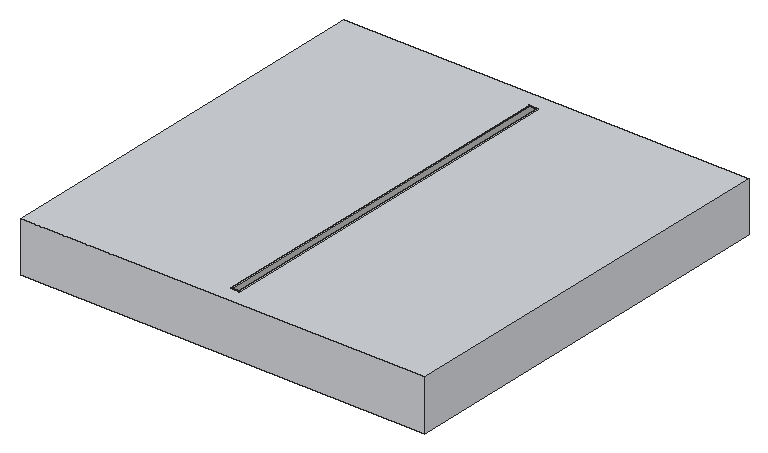
Revit family "LAMP_FIL 45 2240MM OPAL RECESSED", category Luminarias, Revit 2018
Family settings
  Anfitrión = Cara
  Cota de conector redondo = Diámetro de uso
  Tipo de pieza = Normal
  Corte con vacíos al cargar = No
  Origen de luz = Sí
  Compartido = No
  Punto de cálculo de habitación = No
Parameters (values of type "5200LM 3000K  BLACK")
  Ángulo de inclinación = -90.00°
  Weight = 5.16 kg
  Wattage = 37 W
  Type = "MID POWER TRIDONIC"
  built-in parameter 1150107 = 3000 (stored number, unit not read)
  Recessed dimensions = "2246x55x76"
  built-in parameter 1150110 = 1 (stored number, unit not read)
  built-in parameter 1150109 = 1 (stored number, unit not read)
  built-in parameter 1150112 = 1 (stored number, unit not read)
  built-in parameter 1150113 = 1 (stored number, unit not read)
  built-in parameter 1114218 = 1 (stored number, unit not read)
  Protection rating = "IP20 / IK07"
  Product datasheet = "http://www.lamp.es/product-files/TECH/F41RE224MOOP830NB-EN.pdf"
  Product code = "F41RE224MOOP830NB"
  Product URL = "https://www.lamp.es/en/family/fil-45_413951"
  Power Supply = "220-240V 50/60Hz"
  Power = 31 W
  Plum = 37 W
  Photobiological risk = ""
  NOT COVER 2 [instance] = not(END COVER 2)  # no
  NOT COVER 1 [instance] = not(END COVER 1)  # no
  built-in parameter 1150137 = (empty or 0)
  built-in parameter 1150132 = 2
  Modelo = Product code  # "F41RE224MOOP830NB"
  Model Explanation = ""
  Material suspension = LAMP_Acero genérico
  Material perfil = LAMP_Aluminio Perfil Fil NG
  Material difusor = LAMP_PC Difusor Opal Fil
  Manufacturer name = "LAMP"
  Manufacturer country = "Spain"
  Manufacturer URL = "http://www.lamp.es/en"
  MacAdam = "3"
  Longitud de línea de emisión = 2240 mm
  Last update = "26/03/2021"
  Lamp = "MID-POWER LED"
  LED Lifetime = "70.000 L80 B10"
  built-in parameter 1150105 = 1310.2 (stored number, unit not read)
  built-in parameter 1150102 = (empty or 0)
  Insulation class = "I"
  Installation instructions = "https://www.lamp.es/product-files/INS/1004580-C%20INSTR.%20FIL45.pdf"
  built-in parameter 1150106 = 13.102 (stored number, unit not read)
  IEE = "A+"
  Gear = "Electronic"
  Lumens = 3444.33 lm
  Finish = "Matte black RAL 9011"
  Color Filter = 16777215
  built-in parameter 1114217 = 1 (stored number, unit not read)
  built-in parameter 1150139 = (empty or 0)
  Fabricante = Manufacturer name  # "LAMP"
  Default Elevation = 1219.2 mm
  built-in parameter 1150104 = 8.6483 (stored number, unit not read)
  Efficacy = 93.09 lm/W
  END COVER 2 [instance] = yes
  END COVER 1 [instance] = yes
  Dimensions = "2240x55x76"
  Descripción = "FIL45 REC 2240 5200 WW OPAL BK."
  built-in parameter 1150115 = 1 (stored number, unit not read)
  built-in parameter 1150114 = 1 (stored number, unit not read)
  built-in parameter 1150138 = (empty or 0)
  built-in parameter 1150134 = 3
  Dimming Lamp Color Temperature Shift = (empty or 0)
  CRI = "80"
  Archivo de red fotométrica = "F41RE224MOOP830NB.IES"
  built-in parameter 1150133 = 10 (stored number, unit not read)
Types (24, lengths in mm): name | Weight | Wattage | built-in parameter 1150107 | Product datasheet | Product code | Power | Plum | Modelo | Material perfil | LED Lifetime | built-in parameter 1150105 | built-in parameter 1150106 | Lumens | Finish | built-in parameter 1150104 | Efficacy | Descripción | Archivo de red fotométrica
  5200LM 3000K DALI BLACK | 5.452 kg | 37 W | 3000 (stored number, unit not read) | "http://www.lamp.es/product-files/TECH/F41RE224MOOP830DB-EN.pdf" | "F41RE224MOOP830DB" | 31 W | 37 W | "F41RE224MOOP830DB" | LAMP_Aluminio Perfil Fil NG | "70.000 L80 B10" | 1310.2 (stored number, unit not read) | 13.102 (stored number, unit not read) | 3444.33 lm | "Matte black RAL 9011" | 8.6483 (stored number, unit not read) | 93.09 lm/W | "FIL45 REC 2240 5200 WW OPAL DALI BK." | "F41RE224MOOP830nB.IES"
  5200LM 3000K DALI GREY | 5.452 kg | 37 W | 3000 (stored number, unit not read) | "http://www.lamp.es/product-files/TECH/F41RE224MOOP830DG-EN.pdf" | "F41RE224MOOP830DG" | 31 W | 37 W | "F41RE224MOOP830DG" | LAMP_Aluminio Perfil Fil GR | "70.000 L80 B10" | 1310.2 (stored number, unit not read) | 13.102 (stored number, unit not read) | 3444.33 lm | "Gloss grey" | 8.6483 (stored number, unit not read) | 93.09 lm/W | "FIL45 REC 2240 5200 WW OPAL DALI GR." | "F41RE224MOOP830nG.IES"
  5200LM 3000K DALI WHITE | 5.452 kg | 37 W | 3000 (stored number, unit not read) | "http://www.lamp.es/product-files/TECH/F41RE224MOOP830DW-EN.pdf" | "F41RE224MOOP830DW" | 31 W | 37 W | "F41RE224MOOP830DW" | LAMP_Aluminio Perfil Fil BL | "70.000 L80 B10" | 1310.2 (stored number, unit not read) | 13.102 (stored number, unit not read) | 3444.33 lm | "Matte white RAL 9010" | 8.6483 (stored number, unit not read) | 93.09 lm/W | "FIL45 REC 2240 5200 WW OPAL DALI WH." | "F41RE224MOOP830nW.IES"
  5200LM 3000K  BLACK | 5.16 kg | 37 W | 3000 (stored number, unit not read) | "http://www.lamp.es/product-files/TECH/F41RE224MOOP830NB-EN.pdf" | "F41RE224MOOP830NB" | 31 W | 37 W | "F41RE224MOOP830NB" | LAMP_Aluminio Perfil Fil NG | "70.000 L80 B10" | 1310.2 (stored number, unit not read) | 13.102 (stored number, unit not read) | 3444.33 lm | "Matte black RAL 9011" | 8.6483 (stored number, unit not read) | 93.09 lm/W | "FIL45 REC 2240 5200 WW OPAL BK." | "F41RE224MOOP830NB.IES"
  5200LM 3000K  GREY | 5.16 kg | 37 W | 3000 (stored number, unit not read) | "http://www.lamp.es/product-files/TECH/F41RE224MOOP830NG-EN.pdf" | "F41RE224MOOP830NG" | 31 W | 37 W | "F41RE224MOOP830NG" | LAMP_Aluminio Perfil Fil GR | "70.000 L80 B10" | 1310.2 (stored number, unit not read) | 13.102 (stored number, unit not read) | 3444.33 lm | "Gloss grey" | 8.6483 (stored number, unit not read) | 93.09 lm/W | "FIL45 REC 2240 5200 WW OPAL GR." | "F41RE224MOOP830NG.IES"
  5200LM 3000K  WHITE | 5.16 kg | 37 W | 3000 (stored number, unit not read) | "http://www.lamp.es/product-files/TECH/F41RE224MOOP830NW-EN.pdf" | "F41RE224MOOP830NW" | 31 W | 37 W | "F41RE224MOOP830NW" | LAMP_Aluminio Perfil Fil BL | "70.000 L80 B10" | 1310.2 (stored number, unit not read) | 13.102 (stored number, unit not read) | 3444.33 lm | "Matte white RAL 9010" | 8.6483 (stored number, unit not read) | 93.09 lm/W | "FIL45 REC 2240 5200 WW OPAL WH." | "F41RE224MOOP830NW.IES"
  5200LM 4000K DALI BLACK | 5.452 kg | 37 W | 4000 (stored number, unit not read) | "http://www.lamp.es/product-files/TECH/F41RE224MOOP840DB-EN.pdf" | "F41RE224MOOP840DB" | 31 W | 37 W | "F41RE224MOOP840DB" | LAMP_Aluminio Perfil Fil NG | "70.000 L80 B10" | 1373.6 (stored number, unit not read) | 13.736 (stored number, unit not read) | 3610.83 lm | "Matte black RAL 9011" | 9.0664 (stored number, unit not read) | 97.59 lm/W | "FIL45 REC 2240 5200 NW OPAL DALI BK." | "F41RE224MOOP840nB.IES"
  5200LM 4000K DALI GREY | 5.452 kg | 37 W | 4000 (stored number, unit not read) | "http://www.lamp.es/product-files/TECH/F41RE224MOOP840DG-EN.pdf" | "F41RE224MOOP840DG" | 31 W | 37 W | "F41RE224MOOP840DG" | LAMP_Aluminio Perfil Fil GR | "70.000 L80 B10" | 1373.6 (stored number, unit not read) | 13.736 (stored number, unit not read) | 3610.83 lm | "Gloss grey" | 9.0664 (stored number, unit not read) | 97.59 lm/W | "FIL45 REC 2240 5200 NW OPAL DALI GR." | "F41RE224MOOP840nG.IES"
  5200LM 4000K DALI WHITE | 5.452 kg | 37 W | 4000 (stored number, unit not read) | "http://www.lamp.es/product-files/TECH/F41RE224MOOP840DW-EN.pdf" | "F41RE224MOOP840DW" | 31 W | 37 W | "F41RE224MOOP840DW" | LAMP_Aluminio Perfil Fil BL | "70.000 L80 B10" | 1373.6 (stored number, unit not read) | 13.736 (stored number, unit not read) | 3610.83 lm | "Matte white RAL 9010" | 9.0664 (stored number, unit not read) | 97.59 lm/W | "FIL45 REC 2240 5200 NW OPAL DALI WH." | "F41RE224MOOP840nW.IES"
  5200LM 4000K  BLACK | 5.16 kg | 37 W | 4000 (stored number, unit not read) | "http://www.lamp.es/product-files/TECH/F41RE224MOOP840NB-EN.pdf" | "F41RE224MOOP840NB" | 31 W | 37 W | "F41RE224MOOP840NB" | LAMP_Aluminio Perfil Fil NG | "70.000 L80 B10" | 1373.6 (stored number, unit not read) | 13.736 (stored number, unit not read) | 3610.83 lm | "Matte black RAL 9011" | 9.0664 (stored number, unit not read) | 97.59 lm/W | "FIL45 REC 2240 5200 NW OPAL BK." | "F41RE224MOOP840NB.IES"
  5200LM 4000K  GREY | 5.16 kg | 37 W | 4000 (stored number, unit not read) | "http://www.lamp.es/product-files/TECH/F41RE224MOOP840NG-EN.pdf" | "F41RE224MOOP840NG" | 31 W | 37 W | "F41RE224MOOP840NG" | LAMP_Aluminio Perfil Fil GR | "70.000 L80 B10" | 1373.6 (stored number, unit not read) | 13.736 (stored number, unit not read) | 3610.83 lm | "Gloss grey" | 9.0664 (stored number, unit not read) | 97.59 lm/W | "FIL45 REC 2240 5200 NW OPAL GR." | "F41RE224MOOP840NG.IES"
  5200LM 4000K  WHITE | 5.16 kg | 37 W | 4000 (stored number, unit not read) | "http://www.lamp.es/product-files/TECH/F41RE224MOOP840NW-EN.pdf" | "F41RE224MOOP840NW" | 31 W | 37 W | "F41RE224MOOP840NW" | LAMP_Aluminio Perfil Fil BL | "70.000 L80 B10" | 1373.6 (stored number, unit not read) | 13.736 (stored number, unit not read) | 3610.83 lm | "Matte white RAL 9010" | 9.0664 (stored number, unit not read) | 97.59 lm/W | "FIL45 REC 2240 5200 NW OPAL WH." | "F41RE224MOOP840NW.IES"
  12400LM 3000K DALI BLACK | 5.482 kg | 80.6 W | 3000 (stored number, unit not read) | "http://www.lamp.es/product-files/TECH/F41RE224HOOP830DB-EN.pdf" | "F41RE224HOOP830DB" | 72 W | 80.6 W | "F41RE224HOOP830DB" | LAMP_Aluminio Perfil Fil NG | "72.000 L80 B10" | 2807.8 (stored number, unit not read) | 28.078 (stored number, unit not read) | 7455.5 lm | "Matte black RAL 9011" | 8.5935 (stored number, unit not read) | 92.5 lm/W | "FIL45 REC 2240 12400 WW OPAL DALI BK." | "F41RE224HOOP830nB.IES"
  12400LM 3000K DALI GREY | 5.482 kg | 80.6 W | 3000 (stored number, unit not read) | "http://www.lamp.es/product-files/TECH/F41RE224HOOP830DG-EN.pdf" | "F41RE224HOOP830DG" | 72 W | 80.6 W | "F41RE224HOOP830DG" | LAMP_Aluminio Perfil Fil GR | "72.000 L80 B10" | 2807.8 (stored number, unit not read) | 28.078 (stored number, unit not read) | 7455.5 lm | "Gloss grey" | 8.5935 (stored number, unit not read) | 92.5 lm/W | "FIL45 REC 2240 12400 WW OPAL DALI GR." | "F41RE224HOOP830nG.IES"
  12400LM 3000K DALI WHITE | 5.482 kg | 80.6 W | 3000 (stored number, unit not read) | "http://www.lamp.es/product-files/TECH/F41RE224HOOP830DW-EN.pdf" | "F41RE224HOOP830DW" | 72 W | 80.6 W | "F41RE224HOOP830DW" | LAMP_Aluminio Perfil Fil BL | "72.000 L80 B10" | 2807.8 (stored number, unit not read) | 28.078 (stored number, unit not read) | 7455.5 lm | "Matte white RAL 9010" | 8.5935 (stored number, unit not read) | 92.5 lm/W | "FIL45 REC 2240 12400 WW OPAL DALI WH." | "F41RE224HOOP830nW.IES"
  12400LM 3000K  BLACK | 5.26 kg | 80.6 W | 3000 (stored number, unit not read) | "http://www.lamp.es/product-files/TECH/F41RE224HOOP830NB-EN.pdf" | "F41RE224HOOP830NB" | 72 W | 80.6 W | "F41RE224HOOP830NB" | LAMP_Aluminio Perfil Fil NG | "72.000 L80 B10" | 2807.8 (stored number, unit not read) | 28.078 (stored number, unit not read) | 7455.5 lm | "Matte black RAL 9011" | 8.5935 (stored number, unit not read) | 92.5 lm/W | "FIL45 REC 2240 12400 WW OPAL BK." | "F41RE224HOOP830NB.IES"
  12400LM 3000K  GREY | 5.26 kg | 80.6 W | 3000 (stored number, unit not read) | "http://www.lamp.es/product-files/TECH/F41RE224HOOP830NG-EN.pdf" | "F41RE224HOOP830NG" | 72 W | 80.6 W | "F41RE224HOOP830NG" | LAMP_Aluminio Perfil Fil GR | "72.000 L80 B10" | 2807.8 (stored number, unit not read) | 28.078 (stored number, unit not read) | 7455.5 lm | "Gloss grey" | 8.5935 (stored number, unit not read) | 92.5 lm/W | "FIL45 REC 2240 12400 WW OPAL GR." | "F41RE224HOOP830NG.IES"
  12400LM 3000K  WHITE | 5.26 kg | 80.6 W | 3000 (stored number, unit not read) | "http://www.lamp.es/product-files/TECH/F41RE224HOOP830NW-EN.pdf" | "F41RE224HOOP830NW" | 72 W | 80.6 W | "F41RE224HOOP830NW" | LAMP_Aluminio Perfil Fil BL | "72.000 L80 B10" | 2807.8 (stored number, unit not read) | 28.078 (stored number, unit not read) | 7455.5 lm | "Matte white RAL 9010" | 8.5935 (stored number, unit not read) | 92.5 lm/W | "FIL45 REC 2240 12400 WW OPAL WH." | "F41RE224HOOP830NW.IES"
  12400LM 4000K DALI BLACK | 5.482 kg | 80.6 W | 4000 (stored number, unit not read) | "http://www.lamp.es/product-files/TECH/F41RE224HOOP840DB-EN.pdf" | "F41RE224HOOP840DB" | 72 W | 80.6 W | "F41RE224HOOP840DB" | LAMP_Aluminio Perfil Fil NG | "72.000 L80 B10" | 2836.1 (stored number, unit not read) | 28.361 (stored number, unit not read) | 7455.5 lm | "Matte black RAL 9011" | 8.5935 (stored number, unit not read) | 92.5 lm/W | "FIL45 REC 2240 12400 NW OPAL DALI BK." | "F41RE224HOOP840nB.IES"
  12400LM 4000K DALI GREY | 5.482 kg | 80.6 W | 4000 (stored number, unit not read) | "http://www.lamp.es/product-files/TECH/F41RE224HOOP840DG-EN.pdf" | "F41RE224HOOP840DG" | 72 W | 80.6 W | "F41RE224HOOP840DG" | LAMP_Aluminio Perfil Fil GR | "72.000 L80 B10" | 2836.1 (stored number, unit not read) | 28.361 (stored number, unit not read) | 7455.5 lm | "Gloss grey" | 8.5935 (stored number, unit not read) | 92.5 lm/W | "FIL45 REC 2240 12400 NW OPAL DALI GR." | "F41RE224HOOP840nG.IES"
  12400LM 4000K DALI WHITE | 5.482 kg | 80.6 W | 4000 (stored number, unit not read) | "http://www.lamp.es/product-files/TECH/F41RE224HOOP840DW-EN.pdf" | "F41RE224HOOP840DW" | 72 W | 80.6 W | "F41RE224HOOP840DW" | LAMP_Aluminio Perfil Fil BL | "72.000 L80 B10" | 2836.1 (stored number, unit not read) | 28.361 (stored number, unit not read) | 7455.5 lm | "Matte white RAL 9010" | 8.5935 (stored number, unit not read) | 92.5 lm/W | "FIL45 REC 2240 12400 NW OPAL DALI WH." | "F41RE224HOOP840nW.IES"
  12400LM 4000K  BLACK | 5.26 kg | 80.6 W | 4000 (stored number, unit not read) | "http://www.lamp.es/product-files/TECH/F41RE224HOOP840NB-EN.pdf" | "F41RE224HOOP840NB" | 72 W | 80.6 W | "F41RE224HOOP840NB" | LAMP_Aluminio Perfil Fil NG | "72.000 L80 B10" | 2836.1 (stored number, unit not read) | 28.361 (stored number, unit not read) | 7455.5 lm | "Matte black RAL 9011" | 8.5935 (stored number, unit not read) | 92.5 lm/W | "FIL45 REC 2240 12400 NW OPAL BK." | "F41RE224HOOP840NB.IES"
  12400LM 4000K  GREY | 5.26 kg | 80.6 W | 4000 (stored number, unit not read) | "http://www.lamp.es/product-files/TECH/F41RE224HOOP840NG-EN.pdf" | "F41RE224HOOP840NG" | 72 W | 80.6 W | "F41RE224HOOP840NG" | LAMP_Aluminio Perfil Fil GR | "72.000 L80 B10" | 2836.1 (stored number, unit not read) | 28.361 (stored number, unit not read) | 7455.5 lm | "Gloss grey" | 8.5935 (stored number, unit not read) | 92.5 lm/W | "FIL45 REC 2240 12400 NW OPAL GR." | "F41RE224HOOP840NG.IES"
  12400LM 4000K  WHITE | 5.26 kg | 80.6 W | 4000 (stored number, unit not read) | "http://www.lamp.es/product-files/TECH/F41RE224HOOP840NW-EN.pdf" | "F41RE224HOOP840NW" | 72 W | 80.6 W | "F41RE224HOOP840NW" | LAMP_Aluminio Perfil Fil BL | "72.000 L80 B10" | 2836.1 (stored number, unit not read) | 28.361 (stored number, unit not read) | 7455.5 lm | "Matte white RAL 9010" | 8.5935 (stored number, unit not read) | 92.5 lm/W | "FIL45 REC 2240 12400 NW OPAL WH." | "F41RE224HOOP840NW.IES"
Reference planes
  plane 1 "Centro (Frontal/Posterior)": y = 0
  plane 2: z = 0
  plane 3 "Centro (Izquierda/Derecha)": x = 0
Forms (mm)
  Extrusion 1, solid
    sketch origin (0, 0, 0) x (1, 0, 0) y (0, 1, 0)
      loop
        line (-1219.2, 1219.2) -> (-1219.2, -1219.2) -> (1219.2, -1219.2) -> (1219.2, 1219.2) -> (-1219.2, 1219.2)
    from 0 to -304.8
  Extrusion 2, solid, material "LAMP_Aluminio Perfil Fil NG" <- "Material perfil"
    sketch origin (0, 0, -281.8) x (1, 0, 0) y (0, 0, 1)
      loop
        line (17.8, 259) -> (0, 259) -> (-17.8, 259) -> (-21.5, 259) -> (-21.5, 283) -> (-27.5, 283) -> (-27.5, 281.8) -> (-22.5, 281.8) -> (-22.5, 206.5) -> (22.5, 206.5) -> (22.5, 281.8) -> (27.5, 281.8) -> (27.5, 283) -> (21.5, 283) -> (21.5, 259) -> (17.8, 259)
    from -1120 to 1120
  Extrusion 3, solid, material "LAMP_PC Difusor Opal Fil" <- "Material difusor"
    sketch origin (0, 0, -281.8) x (1, 0, 0) y (0, 0, 1)
      loop
        line (-21.5, 283) -> (-21.5, 281.8) -> (21.5, 281.8) -> (21.5, 283) -> (-21.5, 283)
    from -1120 to 1120
Text (mm)
  text "Any modification of the parameters and properties of the LAMP BIM models must be executed and validated by the LAMP technical department.\nPhone: +34 93 736 68 00\nE-mail: lamp@lamp.es\n\nLAMP reserves the right to modify the technical specifications of its products." at (3112.338, 5316.624, -2868.509), in view "Preview"
Dimensions and locks
  aligned and locked: plane 2 to Extrusion 1
  aligned and locked: level to Extrusion 1
Nested families
  nested 1: "LAMP_FIL 45 END COVER RECESSED" at (0, -1121, -75.3), visible <- "END COVER 1", type "Blanco"
  nested 2: "LAMP_FIL 45 END COVER RECESSED" at (0, 1121, -75.3), visible <- "END COVER 2", type "Blanco"
Connectors
  electrical at (0, 0, -75.3)
    settings: on Extrusion 2, index 1, voltage 230 V, apparent load 0 VA, apparent load phase1 0 VA, apparent load phase2 0 VA, apparent load phase3 0 VA, power factor 1, load classification "Otro", number of poles 1, system type 31, power factor state 1, is connector primary yes, connector utility no, sub classification motor no, connector description ""
Definition of nested family "LAMP_FIL 45 END COVER RECESSED"
  Parameters (values of type "LAMP_FIL 45 END COVER RECESSED")
    Material tapa = none
  Reference planes
    plane 1 "Centro (Frontal/Posterior)": y = 0
    plane 2: z = 0
    plane 3 "Centro (Izquierda/Derecha)": x = 0
  Forms (mm)
    Extrusion 1, solid, material <- "Material tapa"
      sketch origin (0, 0, 76.8) x (0, -1, 0) y (0, 0, -1)
        loop
          line (1, 1.5) -> (1, 76.8) -> (-1, 76.8) -> (-1, 0.3) -> (4.5, 0.3) -> (4.5, 1.5) -> (1, 1.5)
      from -27.5 to 27.5
    Extrusion 2, void
      sketch origin (0, 0, 0) x (1, 0, 0) y (0, 0, 1)
        loop
          line (27.5, 75.3) -> (22.5, 75.3) -> (22.5, 0) -> (27.5, 0) -> (27.5, 75.3)
      from -23.5 to 23.5
    Extrusion 3, void
      sketch origin (0, 0, 0) x (1, 0, 0) y (0, 0, 1)
        loop
          line (-27.5, 75.3) -> (-27.5, 0) -> (-22.5, 0) -> (-22.5, 75.3) -> (-27.5, 75.3)
      from -23.5 to 23.5
  Cuts and joins
    Extrusion 2, Extrusion 3 cuts Extrusion 1
  Dimensions and locks
    aligned and locked: level to plane 2
